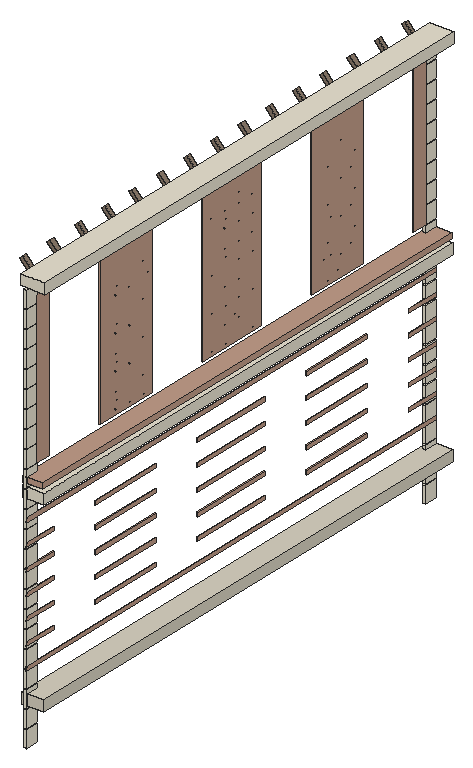
Revit family "AM_Detail_04_Hidden_side__HYPOTHESIS", category Generic Models, Revit 2025 (continued)
Forms (mm)
  Extrusion 245, solid, material "AM Ivory carved stone"
    sketch origin (-7031, 230, 6785) x (0, 1, 0) y (0, 0, 1)
      loop
        line (0, 0) -> (-55, -55) -> (0, -110) -> (55, -55) -> (0, 0)
    from 0 to 9
  Extrusion 246, solid, material "AM Ivory carved stone"
    sketch origin (-7031, -170, 6785) x (0, 1, 0) y (0, 0, 1)
      loop
        line (0, 0) -> (-165, -165) -> (0, -330) -> (165, -165) -> (0, 0)
    from 0 to 9
  Extrusion 247, solid, material "AM Ivory carved stone"
    sketch origin (-7031, -60, 6675) x (0, 1, 0) y (0, 0, 1)
      loop
        line (0, 0) -> (-55, -55) -> (0, -110) -> (55, -55) -> (0, 0)
    from 0 to 9
  Extrusion 248, solid, material "AM Ivory carved stone"
    sketch origin (-7031, -280, 6675) x (0, 1, 0) y (0, 0, 1)
      loop
        line (0, 0) -> (-55, -55) -> (0, -110) -> (55, -55) -> (0, 0)
    from 0 to 9
  Extrusion 249, solid, material "AM Ivory carved stone"
    sketch origin (-7031, -170, 6565) x (0, 1, 0) y (0, 0, 1)
      loop
        line (0, 0) -> (-55, -55) -> (0, -110) -> (55, -55) -> (0, 0)
    from 0 to 9
  Extrusion 250, solid, material "AM Ivory carved stone"
    sketch origin (-7031, -170, 6785) x (0, 1, 0) y (0, 0, 1)
      loop
        line (0, 0) -> (-55, -55) -> (0, -110) -> (55, -55) -> (0, 0)
    from 0 to 9
  Extrusion 251, solid, material "AM Ivory carved stone"
    sketch origin (-7031, -570, 6785) x (0, 1, 0) y (0, 0, 1)
      loop
        line (0, 0) -> (-165, -165) -> (0, -330) -> (165, -165) -> (0, 0)
    from 0 to 9
  Extrusion 252, solid, material "AM Ivory carved stone"
    sketch origin (-7031, -460, 6675) x (0, 1, 0) y (0, 0, 1)
      loop
        line (0, 0) -> (-55, -55) -> (0, -110) -> (55, -55) -> (0, 0)
    from 0 to 9
  Extrusion 253, solid, material "AM Ivory carved stone"
    sketch origin (-7031, -680, 6675) x (0, 1, 0) y (0, 0, 1)
      loop
        line (0, 0) -> (-55, -55) -> (0, -110) -> (55, -55) -> (0, 0)
    from 0 to 9
  Extrusion 254, solid, material "AM Ivory carved stone"
    sketch origin (-7031, -570, 6565) x (0, 1, 0) y (0, 0, 1)
      loop
        line (0, 0) -> (-55, -55) -> (0, -110) -> (55, -55) -> (0, 0)
    from 0 to 9
  Extrusion 255, solid, material "AM Ivory carved stone"
    sketch origin (-7031, -570, 6785) x (0, 1, 0) y (0, 0, 1)
      loop
        line (0, 0) -> (-55, -55) -> (0, -110) -> (55, -55) -> (0, 0)
    from 0 to 9
  Extrusion 256, solid, material "AM Ivory carved stone"
    sketch origin (-7031, 650, 7185) x (0, 1, 0) y (0, 0, 1)
      loop
        line (0, 0) -> (-165, -165) -> (0, -330) -> (165, -165) -> (0, 0)
    from 0 to 9
  Extrusion 257, solid, material "AM Ivory carved stone"
    sketch origin (-7031, 760, 7075) x (0, 1, 0) y (0, 0, 1)
      loop
        line (0, 0) -> (-55, -55) -> (0, -110) -> (55, -55) -> (0, 0)
    from 0 to 9
  Extrusion 258, solid, material "AM Ivory carved stone"
    sketch origin (-7031, 540, 7075) x (0, 1, 0) y (0, 0, 1)
      loop
        line (0, 0) -> (-55, -55) -> (0, -110) -> (55, -55) -> (0, 0)
    from 0 to 9
  Extrusion 259, solid, material "AM Ivory carved stone"
    sketch origin (-7031, 650, 6965) x (0, 1, 0) y (0, 0, 1)
      loop
        line (0, 0) -> (-55, -55) -> (0, -110) -> (55, -55) -> (0, 0)
    from 0 to 9
  Extrusion 260, solid, material "AM Ivory carved stone"
    sketch origin (-7031, 650, 7185) x (0, 1, 0) y (0, 0, 1)
      loop
        line (0, 0) -> (-55, -55) -> (0, -110) -> (55, -55) -> (0, 0)
    from 0 to 9
  Extrusion 261, solid, material "AM Ivory carved stone"
    sketch origin (-7031, 250, 7185) x (0, 1, 0) y (0, 0, 1)
      loop
        line (0, 0) -> (-165, -165) -> (0, -330) -> (165, -165) -> (0, 0)
    from 0 to 9
  Extrusion 262, solid, material "AM Ivory carved stone"
    sketch origin (-7031, 360, 7075) x (0, 1, 0) y (0, 0, 1)
      loop
        line (0, 0) -> (-55, -55) -> (0, -110) -> (55, -55) -> (0, 0)
    from 0 to 9
  Extrusion 263, solid, material "AM Ivory carved stone"
    sketch origin (-7031, 140, 7075) x (0, 1, 0) y (0, 0, 1)
      loop
        line (0, 0) -> (-55, -55) -> (0, -110) -> (55, -55) -> (0, 0)
    from 0 to 9
  Extrusion 264, solid, material "AM Ivory carved stone"
    sketch origin (-7031, 250, 6965) x (0, 1, 0) y (0, 0, 1)
      loop
        line (0, 0) -> (-55, -55) -> (0, -110) -> (55, -55) -> (0, 0)
    from 0 to 9
  Extrusion 265, solid, material "AM Ivory carved stone"
    sketch origin (-7031, 250, 7185) x (0, 1, 0) y (0, 0, 1)
      loop
        line (0, 0) -> (-55, -55) -> (0, -110) -> (55, -55) -> (0, 0)
    from 0 to 9
  Extrusion 266, solid, material "AM Ivory carved stone"
    sketch origin (-7031, -150, 7185) x (0, 1, 0) y (0, 0, 1)
      loop
        line (0, 0) -> (-165, -165) -> (0, -330) -> (165, -165) -> (0, 0)
    from 0 to 9
  Extrusion 267, solid, material "AM Ivory carved stone"
    sketch origin (-7031, -40, 7075) x (0, 1, 0) y (0, 0, 1)
      loop
        line (0, 0) -> (-55, -55) -> (0, -110) -> (55, -55) -> (0, 0)
    from 0 to 9
  Extrusion 268, solid, material "AM Ivory carved stone"
    sketch origin (-7031, -260, 7075) x (0, 1, 0) y (0, 0, 1)
      loop
        line (0, 0) -> (-55, -55) -> (0, -110) -> (55, -55) -> (0, 0)
    from 0 to 9
  Extrusion 269, solid, material "AM Ivory carved stone"
    sketch origin (-7031, -150, 6965) x (0, 1, 0) y (0, 0, 1)
      loop
        line (0, 0) -> (-55, -55) -> (0, -110) -> (55, -55) -> (0, 0)
    from 0 to 9
  Extrusion 270, solid, material "AM Ivory carved stone"
    sketch origin (-7031, -150, 7185) x (0, 1, 0) y (0, 0, 1)
      loop
        line (0, 0) -> (-55, -55) -> (0, -110) -> (55, -55) -> (0, 0)
    from 0 to 9
  Extrusion 271, solid, material "AM Ivory carved stone"
    sketch origin (-7031, -550, 7185) x (0, 1, 0) y (0, 0, 1)
      loop
        line (0, 0) -> (-165, -165) -> (0, -330) -> (165, -165) -> (0, 0)
    from 0 to 9
  Extrusion 272, solid, material "AM Ivory carved stone"
    sketch origin (-7031, -440, 7075) x (0, 1, 0) y (0, 0, 1)
      loop
        line (0, 0) -> (-55, -55) -> (0, -110) -> (55, -55) -> (0, 0)
    from 0 to 9
  Extrusion 273, solid, material "AM Ivory carved stone"
    sketch origin (-7031, -660, 7075) x (0, 1, 0) y (0, 0, 1)
      loop
        line (0, 0) -> (-55, -55) -> (0, -110) -> (55, -55) -> (0, 0)
    from 0 to 9
  Extrusion 274, solid, material "AM Ivory carved stone"
    sketch origin (-7031, -550, 6965) x (0, 1, 0) y (0, 0, 1)
      loop
        line (0, 0) -> (-55, -55) -> (0, -110) -> (55, -55) -> (0, 0)
    from 0 to 9
  Extrusion 275, solid, material "AM Ivory carved stone"
    sketch origin (-7031, -550, 7185) x (0, 1, 0) y (0, 0, 1)
      loop
        line (0, 0) -> (-55, -55) -> (0, -110) -> (55, -55) -> (0, 0)
    from 0 to 9
  Extrusion 276, solid, material "AM Ivory carved stone"
    sketch origin (-7031, 630, 7585) x (0, 1, 0) y (0, 0, 1)
      loop
        line (0, 0) -> (-165, -165) -> (0, -330) -> (165, -165) -> (0, 0)
    from 0 to 9
  Extrusion 277, solid, material "AM Ivory carved stone"
    sketch origin (-7031, 740, 7475) x (0, 1, 0) y (0, 0, 1)
      loop
        line (0, 0) -> (-55, -55) -> (0, -110) -> (55, -55) -> (0, 0)
    from 0 to 9
  Extrusion 278, solid, material "AM Ivory carved stone"
    sketch origin (-7031, 520, 7475) x (0, 1, 0) y (0, 0, 1)
      loop
        line (0, 0) -> (-55, -55) -> (0, -110) -> (55, -55) -> (0, 0)
    from 0 to 9
  Extrusion 279, solid, material "AM Ivory carved stone"
    sketch origin (-7031, 630, 7365) x (0, 1, 0) y (0, 0, 1)
      loop
        line (0, 0) -> (-55, -55) -> (0, -110) -> (55, -55) -> (0, 0)
    from 0 to 9
  Extrusion 280, solid, material "AM Ivory carved stone"
    sketch origin (-7031, 630, 7585) x (0, 1, 0) y (0, 0, 1)
      loop
        line (0, 0) -> (-55, -55) -> (0, -110) -> (55, -55) -> (0, 0)
    from 0 to 9
  Extrusion 281, solid, material "AM Ivory carved stone"
    sketch origin (-7031, 230, 7585) x (0, 1, 0) y (0, 0, 1)
      loop
        line (0, 0) -> (-165, -165) -> (0, -330) -> (165, -165) -> (0, 0)
    from 0 to 9
  Extrusion 282, solid, material "AM Ivory carved stone"
    sketch origin (-7031, 340, 7475) x (0, 1, 0) y (0, 0, 1)
      loop
        line (0, 0) -> (-55, -55) -> (0, -110) -> (55, -55) -> (0, 0)
    from 0 to 9
  Extrusion 283, solid, material "AM Ivory carved stone"
    sketch origin (-7031, 120, 7475) x (0, 1, 0) y (0, 0, 1)
      loop
        line (0, 0) -> (-55, -55) -> (0, -110) -> (55, -55) -> (0, 0)
    from 0 to 9
  Extrusion 284, solid, material "AM Ivory carved stone"
    sketch origin (-7031, 230, 7365) x (0, 1, 0) y (0, 0, 1)
      loop
        line (0, 0) -> (-55, -55) -> (0, -110) -> (55, -55) -> (0, 0)
    from 0 to 9
  Extrusion 285, solid, material "AM Ivory carved stone"
    sketch origin (-7031, 230, 7585) x (0, 1, 0) y (0, 0, 1)
      loop
        line (0, 0) -> (-55, -55) -> (0, -110) -> (55, -55) -> (0, 0)
    from 0 to 9
  Extrusion 286, solid, material "AM Ivory carved stone"
    sketch origin (-7031, -170, 7585) x (0, 1, 0) y (0, 0, 1)
      loop
        line (0, 0) -> (-165, -165) -> (0, -330) -> (165, -165) -> (0, 0)
    from 0 to 9
  Extrusion 287, solid, material "AM Ivory carved stone"
    sketch origin (-7031, -60, 7475) x (0, 1, 0) y (0, 0, 1)
      loop
        line (0, 0) -> (-55, -55) -> (0, -110) -> (55, -55) -> (0, 0)
    from 0 to 9
  Extrusion 288, solid, material "AM Ivory carved stone"
    sketch origin (-7031, -280, 7475) x (0, 1, 0) y (0, 0, 1)
      loop
        line (0, 0) -> (-55, -55) -> (0, -110) -> (55, -55) -> (0, 0)
    from 0 to 9
  Extrusion 289, solid, material "AM Ivory carved stone"
    sketch origin (-7031, -170, 7365) x (0, 1, 0) y (0, 0, 1)
      loop
        line (0, 0) -> (-55, -55) -> (0, -110) -> (55, -55) -> (0, 0)
    from 0 to 9
  Extrusion 290, solid, material "AM Ivory carved stone"
    sketch origin (-7031, -170, 7585) x (0, 1, 0) y (0, 0, 1)
      loop
        line (0, 0) -> (-55, -55) -> (0, -110) -> (55, -55) -> (0, 0)
    from 0 to 9
  Extrusion 291, solid, material "AM Ivory carved stone"
    sketch origin (-7031, -570, 7585) x (0, 1, 0) y (0, 0, 1)
      loop
        line (0, 0) -> (-165, -165) -> (0, -330) -> (165, -165) -> (0, 0)
    from 0 to 9
  Extrusion 292, solid, material "AM Ivory carved stone"
    sketch origin (-7031, -460, 7475) x (0, 1, 0) y (0, 0, 1)
      loop
        line (0, 0) -> (-55, -55) -> (0, -110) -> (55, -55) -> (0, 0)
    from 0 to 9
  Extrusion 293, solid, material "AM Ivory carved stone"
    sketch origin (-7031, -680, 7475) x (0, 1, 0) y (0, 0, 1)
      loop
        line (0, 0) -> (-55, -55) -> (0, -110) -> (55, -55) -> (0, 0)
    from 0 to 9
  Extrusion 294, solid, material "AM Ivory carved stone"
    sketch origin (-7031, -570, 7365) x (0, 1, 0) y (0, 0, 1)
      loop
        line (0, 0) -> (-55, -55) -> (0, -110) -> (55, -55) -> (0, 0)
    from 0 to 9
  Extrusion 295, solid, material "AM Ivory carved stone"
    sketch origin (-7031, -570, 7585) x (0, 1, 0) y (0, 0, 1)
      loop
        line (0, 0) -> (-55, -55) -> (0, -110) -> (55, -55) -> (0, 0)
    from 0 to 9
  Extrusion 296, solid, material "AM Ivory carved stone"
    sketch origin (-7031, 650, 7985) x (0, 1, 0) y (0, 0, 1)
      loop
        line (0, 0) -> (-165, -165) -> (0, -330) -> (165, -165) -> (0, 0)
    from 0 to 9
  Extrusion 297, solid, material "AM Ivory carved stone"
    sketch origin (-7031, 760, 7875) x (0, 1, 0) y (0, 0, 1)
      loop
        line (0, 0) -> (-55, -55) -> (0, -110) -> (55, -55) -> (0, 0)
    from 0 to 9
  Extrusion 298, solid, material "AM Ivory carved stone"
    sketch origin (-7031, 540, 7875) x (0, 1, 0) y (0, 0, 1)
      loop
        line (0, 0) -> (-55, -55) -> (0, -110) -> (55, -55) -> (0, 0)
    from 0 to 9
  Extrusion 299, solid, material "AM Ivory carved stone"
    sketch origin (-7031, 650, 7765) x (0, 1, 0) y (0, 0, 1)
      loop
        line (0, 0) -> (-55, -55) -> (0, -110) -> (55, -55) -> (0, 0)
    from 0 to 9
  Extrusion 300, solid, material "AM Ivory carved stone"
    sketch origin (-7031, 650, 7985) x (0, 1, 0) y (0, 0, 1)
      loop
        line (0, 0) -> (-55, -55) -> (0, -110) -> (55, -55) -> (0, 0)
    from 0 to 9
  Extrusion 301, solid, material "AM Ivory carved stone"
    sketch origin (-7031, 250, 7985) x (0, 1, 0) y (0, 0, 1)
      loop
        line (0, 0) -> (-165, -165) -> (0, -330) -> (165, -165) -> (0, 0)
    from 0 to 9
  Extrusion 302, solid, material "AM Ivory carved stone"
    sketch origin (-7031, 360, 7875) x (0, 1, 0) y (0, 0, 1)
      loop
        line (0, 0) -> (-55, -55) -> (0, -110) -> (55, -55) -> (0, 0)
    from 0 to 9
  Extrusion 303, solid, material "AM Ivory carved stone"
    sketch origin (-7031, 140, 7875) x (0, 1, 0) y (0, 0, 1)
      loop
        line (0, 0) -> (-55, -55) -> (0, -110) -> (55, -55) -> (0, 0)
    from 0 to 9
  Extrusion 304, solid, material "AM Ivory carved stone"
    sketch origin (-7031, 250, 7765) x (0, 1, 0) y (0, 0, 1)
      loop
        line (0, 0) -> (-55, -55) -> (0, -110) -> (55, -55) -> (0, 0)
    from 0 to 9
  Extrusion 305, solid, material "AM Ivory carved stone"
    sketch origin (-7031, 250, 7985) x (0, 1, 0) y (0, 0, 1)
      loop
        line (0, 0) -> (-55, -55) -> (0, -110) -> (55, -55) -> (0, 0)
    from 0 to 9
  Extrusion 306, solid, material "AM Ivory carved stone"
    sketch origin (-7031, -150, 7985) x (0, 1, 0) y (0, 0, 1)
      loop
        line (0, 0) -> (-165, -165) -> (0, -330) -> (165, -165) -> (0, 0)
    from 0 to 9
  Extrusion 307, solid, material "AM Ivory carved stone"
    sketch origin (-7031, -40, 7875) x (0, 1, 0) y (0, 0, 1)
      loop
        line (0, 0) -> (-55, -55) -> (0, -110) -> (55, -55) -> (0, 0)
    from 0 to 9
  Extrusion 308, solid, material "AM Ivory carved stone"
    sketch origin (-7031, -260, 7875) x (0, 1, 0) y (0, 0, 1)
      loop
        line (0, 0) -> (-55, -55) -> (0, -110) -> (55, -55) -> (0, 0)
    from 0 to 9
  Extrusion 309, solid, material "AM Ivory carved stone"
    sketch origin (-7031, -150, 7765) x (0, 1, 0) y (0, 0, 1)
      loop
        line (0, 0) -> (-55, -55) -> (0, -110) -> (55, -55) -> (0, 0)
    from 0 to 9
  Extrusion 310, solid, material "AM Ivory carved stone"
    sketch origin (-7031, -150, 7985) x (0, 1, 0) y (0, 0, 1)
      loop
        line (0, 0) -> (-55, -55) -> (0, -110) -> (55, -55) -> (0, 0)
    from 0 to 9
  Extrusion 311, solid, material "AM Ivory carved stone"
    sketch origin (-7031, -550, 7985) x (0, 1, 0) y (0, 0, 1)
      loop
        line (0, 0) -> (-165, -165) -> (0, -330) -> (165, -165) -> (0, 0)
    from 0 to 9
  Extrusion 312, solid, material "AM Ivory carved stone"
    sketch origin (-7031, -440, 7875) x (0, 1, 0) y (0, 0, 1)
      loop
        line (0, 0) -> (-55, -55) -> (0, -110) -> (55, -55) -> (0, 0)
    from 0 to 9
  Extrusion 313, solid, material "AM Ivory carved stone"
    sketch origin (-7031, -660, 7875) x (0, 1, 0) y (0, 0, 1)
      loop
        line (0, 0) -> (-55, -55) -> (0, -110) -> (55, -55) -> (0, 0)
    from 0 to 9
  Extrusion 314, solid, material "AM Ivory carved stone"
    sketch origin (-7031, -550, 7765) x (0, 1, 0) y (0, 0, 1)
      loop
        line (0, 0) -> (-55, -55) -> (0, -110) -> (55, -55) -> (0, 0)
    from 0 to 9
  Extrusion 315, solid, material "AM Ivory carved stone"
    sketch origin (-7031, -550, 7985) x (0, 1, 0) y (0, 0, 1)
      loop
        line (0, 0) -> (-55, -55) -> (0, -110) -> (55, -55) -> (0, 0)
    from 0 to 9
  Extrusion 316, solid, material "AM Ivory carved stone"
    sketch origin (-7031, 630, 8385) x (0, 1, 0) y (0, 0, 1)
      loop
        line (0, 0) -> (-165, -165) -> (0, -330) -> (165, -165) -> (0, 0)
    from 0 to 9
  Extrusion 317, solid, material "AM Ivory carved stone"
    sketch origin (-7031, 740, 8275) x (0, 1, 0) y (0, 0, 1)
      loop
        line (0, 0) -> (-55, -54.999) -> (0, -110) -> (55, -54.999) -> (0, 0)
    from 0 to 9
  Extrusion 318, solid, material "AM Ivory carved stone"
    sketch origin (-7031, 520, 8275) x (0, 1, 0) y (0, 0, 1)
      loop
        line (0, 0) -> (-55, -54.999) -> (0, -110) -> (55, -54.999) -> (0, 0)
    from 0 to 9
  Extrusion 319, solid, material "AM Ivory carved stone"
    sketch origin (-7031, 630, 8165) x (0, 1, 0) y (0, 0, 1)
      loop
        line (0, 0) -> (-55, -55) -> (0, -110) -> (55, -55) -> (0, 0)
    from 0 to 9
  Extrusion 320, solid, material "AM Ivory carved stone"
    sketch origin (-7031, 630, 8385) x (0, 1, 0) y (0, 0, 1)
      loop
        line (0, 0) -> (-55, -55) -> (0, -110.001) -> (55, -55) -> (0, 0)
    from 0 to 9
  Extrusion 321, solid, material "AM Ivory carved stone"
    sketch origin (-7031, 230, 8385) x (0, 1, 0) y (0, 0, 1)
      loop
        line (0, 0) -> (-165, -165) -> (0, -330) -> (165, -165) -> (0, 0)
    from 0 to 9
  Extrusion 322, solid, material "AM Ivory carved stone"
    sketch origin (-7031, 340, 8275) x (0, 1, 0) y (0, 0, 1)
      loop
        line (0, 0) -> (-55, -54.999) -> (0, -110) -> (55, -54.999) -> (0, 0)
    from 0 to 9
  Extrusion 323, solid, material "AM Ivory carved stone"
    sketch origin (-7031, 120, 8275) x (0, 1, 0) y (0, 0, 1)
      loop
        line (0, 0) -> (-55, -54.999) -> (0, -110) -> (55, -54.999) -> (0, 0)
    from 0 to 9
  Extrusion 324, solid, material "AM Ivory carved stone"
    sketch origin (-7031, 230, 8165) x (0, 1, 0) y (0, 0, 1)
      loop
        line (0, 0) -> (-55, -55) -> (0, -110) -> (55, -55) -> (0, 0)
    from 0 to 9
  Extrusion 325, solid, material "AM Ivory carved stone"
    sketch origin (-7031, 230, 8385) x (0, 1, 0) y (0, 0, 1)
      loop
        line (0, 0) -> (-55, -55) -> (0, -110.001) -> (55, -55) -> (0, 0)
    from 0 to 9
  Extrusion 326, solid, material "AM Ivory carved stone"
    sketch origin (-7031, -170, 8385) x (0, 1, 0) y (0, 0, 1)
      loop
        line (0, 0) -> (-165, -165) -> (0, -330) -> (165, -165) -> (0, 0)
    from 0 to 9
  Extrusion 327, solid, material "AM Ivory carved stone"
    sketch origin (-7031, -60, 8275) x (0, 1, 0) y (0, 0, 1)
      loop
        line (0, 0) -> (-55, -54.999) -> (0, -110) -> (55, -54.999) -> (0, 0)
    from 0 to 9
  Extrusion 328, solid, material "AM Ivory carved stone"
    sketch origin (-7031, -280, 8275) x (0, 1, 0) y (0, 0, 1)
      loop
        line (0, 0) -> (-55, -54.999) -> (0, -110) -> (55, -54.999) -> (0, 0)
    from 0 to 9
  Extrusion 329, solid, material "AM Ivory carved stone"
    sketch origin (-7031, -170, 8165) x (0, 1, 0) y (0, 0, 1)
      loop
        line (0, 0) -> (-55, -55) -> (0, -110) -> (55, -55) -> (0, 0)
    from 0 to 9
  Extrusion 330, solid, material "AM Ivory carved stone"
    sketch origin (-7031, -170, 8385) x (0, 1, 0) y (0, 0, 1)
      loop
        line (0, 0) -> (-55, -55) -> (0, -110.001) -> (55, -55) -> (0, 0)
    from 0 to 9
  Extrusion 331, solid, material "AM Ivory carved stone"
    sketch origin (-7031, -570, 8385) x (0, 1, 0) y (0, 0, 1)
      loop
        line (0, 0) -> (-165, -165) -> (0, -330) -> (165, -165) -> (0, 0)
    from 0 to 9
  Extrusion 332, solid, material "AM Ivory carved stone"
    sketch origin (-7031, -460, 8275) x (0, 1, 0) y (0, 0, 1)
      loop
        line (0, 0) -> (-55, -54.999) -> (0, -110) -> (55, -54.999) -> (0, 0)
    from 0 to 9
  Extrusion 333, solid, material "AM Ivory carved stone"
    sketch origin (-7031, -680, 8275) x (0, 1, 0) y (0, 0, 1)
      loop
        line (0, 0) -> (-55, -54.999) -> (0, -110) -> (55, -54.999) -> (0, 0)
    from 0 to 9
  Extrusion 334, solid, material "AM Ivory carved stone"
    sketch origin (-7031, -570, 8165) x (0, 1, 0) y (0, 0, 1)
      loop
        line (0, 0) -> (-55, -55) -> (0, -110) -> (55, -55) -> (0, 0)
    from 0 to 9
  Extrusion 335, solid, material "AM Ivory carved stone"
    sketch origin (-7031, -570, 8385) x (0, 1, 0) y (0, 0, 1)
      loop
        line (0, 0) -> (-55, -55) -> (0, -110.001) -> (55, -55) -> (0, 0)
    from 0 to 9
  Extrusion 336, solid, material "AM Ivory carved stone"
    sketch origin (-7031, 650, 8785) x (0, 1, 0) y (0, 0, 1)
      loop
        line (0, 0) -> (-165, -165) -> (0, -330) -> (165, -165) -> (0, 0)
    from 0 to 9
  Extrusion 337, solid, material "AM Ivory carved stone"
    sketch origin (-7031, 760, 8675) x (0, 1, 0) y (0, 0, 1)
      loop
        line (0, 0) -> (-55, -55) -> (0, -110.001) -> (55, -55) -> (0, 0)
    from 0 to 9
  Extrusion 338, solid, material "AM Ivory carved stone"
    sketch origin (-7031, 540, 8675) x (0, 1, 0) y (0, 0, 1)
      loop
        line (0, 0) -> (-55, -55) -> (0, -110.001) -> (55, -55) -> (0, 0)
    from 0 to 9
  Extrusion 339, solid, material "AM Ivory carved stone"
    sketch origin (-7031, 650, 8565) x (0, 1, 0) y (0, 0, 1)
      loop
        line (0, 0) -> (-55, -54.999) -> (0, -110) -> (55, -54.999) -> (0, 0)
    from 0 to 9
  Extrusion 340, solid, material "AM Ivory carved stone"
    sketch origin (-7031, 650, 8785) x (0, 1, 0) y (0, 0, 1)
      loop
        line (0, 0) -> (-55, -55) -> (0, -110) -> (55, -55) -> (0, 0)
    from 0 to 9
  Extrusion 341, solid, material "AM Ivory carved stone"
    sketch origin (-7031, 250, 8785) x (0, 1, 0) y (0, 0, 1)
      loop
        line (0, 0) -> (-165, -165) -> (0, -330) -> (165, -165) -> (0, 0)
    from 0 to 9
  Extrusion 342, solid, material "AM Ivory carved stone"
    sketch origin (-7031, 360, 8675) x (0, 1, 0) y (0, 0, 1)
      loop
        line (0, 0) -> (-55, -55) -> (0, -110.001) -> (55, -55) -> (0, 0)
    from 0 to 9
  Extrusion 343, solid, material "AM Ivory carved stone"
    sketch origin (-7031, 140, 8675) x (0, 1, 0) y (0, 0, 1)
      loop
        line (0, 0) -> (-55, -55) -> (0, -110.001) -> (55, -55) -> (0, 0)
    from 0 to 9
  Extrusion 344, solid, material "AM Ivory carved stone"
    sketch origin (-7031, 250, 8565) x (0, 1, 0) y (0, 0, 1)
      loop
        line (0, 0) -> (-55, -54.999) -> (0, -110) -> (55, -54.999) -> (0, 0)
    from 0 to 9
  Extrusion 345, solid, material "AM Ivory carved stone"
    sketch origin (-7031, 250, 8785) x (0, 1, 0) y (0, 0, 1)
      loop
        line (0, 0) -> (-55, -55) -> (0, -110) -> (55, -55) -> (0, 0)
    from 0 to 9
  Extrusion 346, solid, material "AM Ivory carved stone"
    sketch origin (-7031, -150, 8785) x (0, 1, 0) y (0, 0, 1)
      loop
        line (0, 0) -> (-165, -165) -> (0, -330) -> (165, -165) -> (0, 0)
    from 0 to 9
  Extrusion 347, solid, material "AM Ivory carved stone"
    sketch origin (-7031, -40, 8675) x (0, 1, 0) y (0, 0, 1)
      loop
        line (0, 0) -> (-55, -55) -> (0, -110.001) -> (55, -55) -> (0, 0)
    from 0 to 9
  Extrusion 348, solid, material "AM Ivory carved stone"
    sketch origin (-7031, -260, 8675) x (0, 1, 0) y (0, 0, 1)
      loop
        line (0, 0) -> (-55, -55) -> (0, -110.001) -> (55, -55) -> (0, 0)
    from 0 to 9
  Extrusion 349, solid, material "AM Ivory carved stone"
    sketch origin (-7031, -150, 8565) x (0, 1, 0) y (0, 0, 1)
      loop
        line (0, 0) -> (-55, -54.999) -> (0, -110) -> (55, -54.999) -> (0, 0)
    from 0 to 9
  Extrusion 350, solid, material "AM Ivory carved stone"
    sketch origin (-7031, -150, 8785) x (0, 1, 0) y (0, 0, 1)
      loop
        line (0, 0) -> (-55, -55) -> (0, -110) -> (55, -55) -> (0, 0)
    from 0 to 9
  Extrusion 351, solid, material "AM Ivory carved stone"
    sketch origin (-7031, -550, 8785) x (0, 1, 0) y (0, 0, 1)
      loop
        line (0, 0) -> (-165, -165) -> (0, -330) -> (165, -165) -> (0, 0)
    from 0 to 9
  Extrusion 352, solid, material "AM Ivory carved stone"
    sketch origin (-7031, -440, 8675) x (0, 1, 0) y (0, 0, 1)
      loop
        line (0, 0) -> (-55, -55) -> (0, -110.001) -> (55, -55) -> (0, 0)
    from 0 to 9
  Extrusion 353, solid, material "AM Ivory carved stone"
    sketch origin (-7031, -660, 8675) x (0, 1, 0) y (0, 0, 1)
      loop
        line (0, 0) -> (-55, -55) -> (0, -110.001) -> (55, -55) -> (0, 0)
    from 0 to 9
  Extrusion 354, solid, material "AM Ivory carved stone"
    sketch origin (-7031, -550, 8565) x (0, 1, 0) y (0, 0, 1)
      loop
        line (0, 0) -> (-55, -54.999) -> (0, -110) -> (55, -54.999) -> (0, 0)
    from 0 to 9
  Extrusion 355, solid, material "AM Ivory carved stone"
    sketch origin (-7031, -550, 8785) x (0, 1, 0) y (0, 0, 1)
      loop
        line (0, 0) -> (-55, -55) -> (0, -110) -> (55, -55) -> (0, 0)
    from 0 to 9
  Extrusion 356, solid, material "AM Ivory carved stone"
    sketch origin (-7031, 630, 9185) x (0, 1, 0) y (0, 0, 1)
      loop
        line (0, 0) -> (-165, -165) -> (0, -330.001) -> (165, -165) -> (0, 0)
    from 0 to 9
  Extrusion 357, solid, material "AM Ivory carved stone"
    sketch origin (-7031, 740, 9075) x (0, 1, 0) y (0, 0, 1)
      loop
        line (0, 0) -> (-55, -54.999) -> (0, -110) -> (55, -54.999) -> (0, 0)
    from 0 to 9
  Extrusion 358, solid, material "AM Ivory carved stone"
    sketch origin (-7031, 520, 9075) x (0, 1, 0) y (0, 0, 1)
      loop
        line (0, 0) -> (-55, -54.999) -> (0, -110) -> (55, -54.999) -> (0, 0)
    from 0 to 9
  Extrusion 359, solid, material "AM Ivory carved stone"
    sketch origin (-7031, 630, 8965) x (0, 1, 0) y (0, 0, 1)
      loop
        line (0, 0) -> (-55, -55) -> (0, -110.001) -> (55, -55) -> (0, 0)
    from 0 to 9
  Extrusion 360, solid, material "AM Ivory carved stone"
    sketch origin (-7031, 630, 9185) x (0, 1, 0) y (0, 0, 1)
      loop
        line (0, 0) -> (-55, -55) -> (0, -110.001) -> (55, -55) -> (0, 0)
    from 0 to 9
  Extrusion 361, solid, material "AM Ivory carved stone"
    sketch origin (-7031, 230, 9185) x (0, 1, 0) y (0, 0, 1)
      loop
        line (0, 0) -> (-165, -165) -> (0, -330.001) -> (165, -165) -> (0, 0)
    from 0 to 9
  Extrusion 362, solid, material "AM Ivory carved stone"
    sketch origin (-7031, 340, 9075) x (0, 1, 0) y (0, 0, 1)
      loop
        line (0, 0) -> (-55, -54.999) -> (0, -110) -> (55, -54.999) -> (0, 0)
    from 0 to 9
  Extrusion 363, solid, material "AM Ivory carved stone"
    sketch origin (-7031, 120, 9075) x (0, 1, 0) y (0, 0, 1)
      loop
        line (0, 0) -> (-55, -54.999) -> (0, -110) -> (55, -54.999) -> (0, 0)
    from 0 to 9
  Extrusion 364, solid, material "AM Ivory carved stone"
    sketch origin (-7031, 230, 8965) x (0, 1, 0) y (0, 0, 1)
      loop
        line (0, 0) -> (-55, -55) -> (0, -110.001) -> (55, -55) -> (0, 0)
    from 0 to 9
  Extrusion 365, solid, material "AM Ivory carved stone"
    sketch origin (-7031, 230, 9185) x (0, 1, 0) y (0, 0, 1)
      loop
        line (0, 0) -> (-55, -55) -> (0, -110.001) -> (55, -55) -> (0, 0)
    from 0 to 9
  Extrusion 366, solid, material "AM Ivory carved stone"
    sketch origin (-7031, -170, 9185) x (0, 1, 0) y (0, 0, 1)
      loop
        line (0, 0) -> (-165, -165) -> (0, -330.001) -> (165, -165) -> (0, 0)
    from 0 to 9
  Extrusion 367, solid, material "AM Ivory carved stone"
    sketch origin (-7031, -60, 9075) x (0, 1, 0) y (0, 0, 1)
      loop
        line (0, 0) -> (-55, -54.999) -> (0, -110) -> (55, -54.999) -> (0, 0)
    from 0 to 9
  Extrusion 368, solid, material "AM Ivory carved stone"
    sketch origin (-7031, -280, 9075) x (0, 1, 0) y (0, 0, 1)
      loop
        line (0, 0) -> (-55, -54.999) -> (0, -110) -> (55, -54.999) -> (0, 0)
    from 0 to 9
  Extrusion 369, solid, material "AM Ivory carved stone"
    sketch origin (-7031, -170, 8965) x (0, 1, 0) y (0, 0, 1)
      loop
        line (0, 0) -> (-55, -55) -> (0, -110.001) -> (55, -55) -> (0, 0)
    from 0 to 9
  Extrusion 370, solid, material "AM Ivory carved stone"
    sketch origin (-7031, -170, 9185) x (0, 1, 0) y (0, 0, 1)
      loop
        line (0, 0) -> (-55, -55) -> (0, -110.001) -> (55, -55) -> (0, 0)
    from 0 to 9
  Extrusion 371, solid, material "AM Ivory carved stone"
    sketch origin (-7031, -570, 9185) x (0, 1, 0) y (0, 0, 1)
      loop
        line (0, 0) -> (-165, -165) -> (0, -330.001) -> (165, -165) -> (0, 0)
    from 0 to 9
  Extrusion 372, solid, material "AM Ivory carved stone"
    sketch origin (-7031, -460, 9075) x (0, 1, 0) y (0, 0, 1)
      loop
        line (0, 0) -> (-55, -54.999) -> (0, -110) -> (55, -54.999) -> (0, 0)
    from 0 to 9
  Extrusion 373, solid, material "AM Ivory carved stone"
    sketch origin (-7031, -680, 9075) x (0, 1, 0) y (0, 0, 1)
      loop
        line (0, 0) -> (-55, -54.999) -> (0, -110) -> (55, -54.999) -> (0, 0)
    from 0 to 9
  Extrusion 374, solid, material "AM Ivory carved stone"
    sketch origin (-7031, -570, 8965) x (0, 1, 0) y (0, 0, 1)
      loop
        line (0, 0) -> (-55, -55) -> (0, -110.001) -> (55, -55) -> (0, 0)
    from 0 to 9
  Extrusion 375, solid, material "AM Ivory carved stone"
    sketch origin (-7031, -570, 9185) x (0, 1, 0) y (0, 0, 1)
      loop
        line (0, 0) -> (-55, -55) -> (0, -110.001) -> (55, -55) -> (0, 0)
    from 0 to 9
  Extrusion 376, solid, material "AM Faded terracotta masonry"
    sketch origin (-7022.5, -2350, 6000) x (1, 0, 0) y (0, 1, 0)
      loop
        line (0, 0) -> (0, -1500) -> (25, -1500) -> (25, 0) -> (0, 0)
    from 0 to 3550
  Extrusion 377, solid, material "AM Ivory carved stone"
    sketch origin (-7031, -2550, 6385) x (0, 1, 0) y (0, 0, 1)
      loop
        line (0, 0) -> (-165, -165) -> (0, -330) -> (165, -165) -> (0, 0)
    from 0 to 9
  Extrusion 378, solid, material "AM Ivory carved stone"
    sketch origin (-7031, -2440, 6275) x (0, 1, 0) y (0, 0, 1)
      loop
        line (0, 0) -> (-55, -55) -> (0, -110) -> (55, -55) -> (0, 0)
    from 0 to 9
  Extrusion 379, solid, material "AM Ivory carved stone"
    sketch origin (-7031, -2660, 6275) x (0, 1, 0) y (0, 0, 1)
      loop
        line (0, 0) -> (-55, -55) -> (0, -110) -> (55, -55) -> (0, 0)
    from 0 to 9
  Extrusion 380, solid, material "AM Ivory carved stone"
    sketch origin (-7031, -2550, 6165) x (0, 1, 0) y (0, 0, 1)
      loop
        line (0, 0) -> (-55, -55) -> (0, -110) -> (55, -55) -> (0, 0)
    from 0 to 9
  Extrusion 381, solid, material "AM Ivory carved stone"
    sketch origin (-7031, -2550, 6385) x (0, 1, 0) y (0, 0, 1)
      loop
        line (0, 0) -> (-55, -55) -> (0, -110) -> (55, -55) -> (0, 0)
    from 0 to 9
  Extrusion 382, solid, material "AM Ivory carved stone"
    sketch origin (-7031, -2950, 6385) x (0, 1, 0) y (0, 0, 1)
      loop
        line (0, 0) -> (-165, -165) -> (0, -330) -> (165, -165) -> (0, 0)
    from 0 to 9
  Extrusion 383, solid, material "AM Ivory carved stone"
    sketch origin (-7031, -2840, 6275) x (0, 1, 0) y (0, 0, 1)
      loop
        line (0, 0) -> (-55, -55) -> (0, -110) -> (55, -55) -> (0, 0)
    from 0 to 9
  Extrusion 384, solid, material "AM Ivory carved stone"
    sketch origin (-7031, -3060, 6275) x (0, 1, 0) y (0, 0, 1)
      loop
        line (0, 0) -> (-55, -55) -> (0, -110) -> (55, -55) -> (0, 0)
    from 0 to 9
  Extrusion 385, solid, material "AM Ivory carved stone"
    sketch origin (-7031, -2950, 6165) x (0, 1, 0) y (0, 0, 1)
      loop
        line (0, 0) -> (-55, -55) -> (0, -110) -> (55, -55) -> (0, 0)
    from 0 to 9
  Extrusion 386, solid, material "AM Ivory carved stone"
    sketch origin (-7031, -2950, 6385) x (0, 1, 0) y (0, 0, 1)
      loop
        line (0, 0) -> (-55, -55) -> (0, -110) -> (55, -55) -> (0, 0)
    from 0 to 9
  Extrusion 387, solid, material "AM Ivory carved stone"
    sketch origin (-7031, -3350, 6385) x (0, 1, 0) y (0, 0, 1)
      loop
        line (0, 0) -> (-165, -165) -> (0, -330) -> (165, -165) -> (0, 0)
    from 0 to 9
  Extrusion 388, solid, material "AM Ivory carved stone"
    sketch origin (-7031, -3240, 6275) x (0, 1, 0) y (0, 0, 1)
      loop
        line (0, 0) -> (-55, -55) -> (0, -110) -> (55, -55) -> (0, 0)
    from 0 to 9
  Extrusion 389, solid, material "AM Ivory carved stone"
    sketch origin (-7031, -3460, 6275) x (0, 1, 0) y (0, 0, 1)
      loop
        line (0, 0) -> (-55, -55) -> (0, -110) -> (55, -55) -> (0, 0)
    from 0 to 9
  Extrusion 390, solid, material "AM Ivory carved stone"
    sketch origin (-7031, -3350, 6165) x (0, 1, 0) y (0, 0, 1)
      loop
        line (0, 0) -> (-55, -55) -> (0, -110) -> (55, -55) -> (0, 0)
    from 0 to 9
  Extrusion 391, solid, material "AM Ivory carved stone"
    sketch origin (-7031, -3350, 6385) x (0, 1, 0) y (0, 0, 1)
      loop
        line (0, 0) -> (-55, -55) -> (0, -110) -> (55, -55) -> (0, 0)
    from 0 to 9
  Extrusion 392, solid, material "AM Ivory carved stone"
    sketch origin (-7031, -2570, 6785) x (0, 1, 0) y (0, 0, 1)
      loop
        line (0, 0) -> (-165, -165) -> (0, -330) -> (165, -165) -> (0, 0)
    from 0 to 9
  Extrusion 393, solid, material "AM Ivory carved stone"
    sketch origin (-7031, -2460, 6675) x (0, 1, 0) y (0, 0, 1)
      loop
        line (0, 0) -> (-55, -55) -> (0, -110) -> (55, -55) -> (0, 0)
    from 0 to 9
  Extrusion 394, solid, material "AM Ivory carved stone"
    sketch origin (-7031, -2680, 6675) x (0, 1, 0) y (0, 0, 1)
      loop
        line (0, 0) -> (-55, -55) -> (0, -110) -> (55, -55) -> (0, 0)
    from 0 to 9
  Extrusion 395, solid, material "AM Ivory carved stone"
    sketch origin (-7031, -2570, 6565) x (0, 1, 0) y (0, 0, 1)
      loop
        line (0, 0) -> (-55, -55) -> (0, -110) -> (55, -55) -> (0, 0)
    from 0 to 9
  Extrusion 396, solid, material "AM Ivory carved stone"
    sketch origin (-7031, -2570, 6785) x (0, 1, 0) y (0, 0, 1)
      loop
        line (0, 0) -> (-55, -55) -> (0, -110) -> (55, -55) -> (0, 0)
    from 0 to 9
  Extrusion 397, solid, material "AM Ivory carved stone"
    sketch origin (-7031, -2970, 6785) x (0, 1, 0) y (0, 0, 1)
      loop
        line (0, 0) -> (-165, -165) -> (0, -330) -> (165, -165) -> (0, 0)
    from 0 to 9
  Extrusion 398, solid, material "AM Ivory carved stone"
    sketch origin (-7031, -2860, 6675) x (0, 1, 0) y (0, 0, 1)
      loop
        line (0, 0) -> (-55, -55) -> (0, -110) -> (55, -55) -> (0, 0)
    from 0 to 9
  Extrusion 399, solid, material "AM Ivory carved stone"
    sketch origin (-7031, -3080, 6675) x (0, 1, 0) y (0, 0, 1)
      loop
        line (0, 0) -> (-55, -55) -> (0, -110) -> (55, -55) -> (0, 0)
    from 0 to 9
  Extrusion 400, solid, material "AM Ivory carved stone"
    sketch origin (-7031, -2970, 6565) x (0, 1, 0) y (0, 0, 1)
      loop
        line (0, 0) -> (-55, -55) -> (0, -110) -> (55, -55) -> (0, 0)
    from 0 to 9
  Extrusion 401, solid, material "AM Ivory carved stone"
    sketch origin (-7031, -2970, 6785) x (0, 1, 0) y (0, 0, 1)
      loop
        line (0, 0) -> (-55, -55) -> (0, -110) -> (55, -55) -> (0, 0)
    from 0 to 9
  Extrusion 402, solid, material "AM Ivory carved stone"
    sketch origin (-7031, -3370, 6785) x (0, 1, 0) y (0, 0, 1)
      loop
        line (0, 0) -> (-165, -165) -> (0, -330) -> (165, -165) -> (0, 0)
    from 0 to 9
  Extrusion 403, solid, material "AM Ivory carved stone"
    sketch origin (-7031, -3260, 6675) x (0, 1, 0) y (0, 0, 1)
      loop
        line (0, 0) -> (-55, -55) -> (0, -110) -> (55, -55) -> (0, 0)
    from 0 to 9
  Extrusion 404, solid, material "AM Ivory carved stone"
    sketch origin (-7031, -3480, 6675) x (0, 1, 0) y (0, 0, 1)
      loop
        line (0, 0) -> (-55, -55) -> (0, -110) -> (55, -55) -> (0, 0)
    from 0 to 9
  Extrusion 405, solid, material "AM Ivory carved stone"
    sketch origin (-7031, -3370, 6565) x (0, 1, 0) y (0, 0, 1)
      loop
        line (0, 0) -> (-55, -55) -> (0, -110) -> (55, -55) -> (0, 0)
    from 0 to 9
  Extrusion 406, solid, material "AM Ivory carved stone"
    sketch origin (-7031, -3370, 6785) x (0, 1, 0) y (0, 0, 1)
      loop
        line (0, 0) -> (-55, -55) -> (0, -110) -> (55, -55) -> (0, 0)
    from 0 to 9
  Extrusion 407, solid, material "AM Ivory carved stone"
    sketch origin (-7031, -2550, 7185) x (0, 1, 0) y (0, 0, 1)
      loop
        line (0, 0) -> (-165, -165) -> (0, -330) -> (165, -165) -> (0, 0)
    from 0 to 9
  Extrusion 408, solid, material "AM Ivory carved stone"
    sketch origin (-7031, -2440, 7075) x (0, 1, 0) y (0, 0, 1)
      loop
        line (0, 0) -> (-55, -55) -> (0, -110) -> (55, -55) -> (0, 0)
    from 0 to 9
  Extrusion 409, solid, material "AM Ivory carved stone"
    sketch origin (-7031, -2660, 7075) x (0, 1, 0) y (0, 0, 1)
      loop
        line (0, 0) -> (-55, -55) -> (0, -110) -> (55, -55) -> (0, 0)
    from 0 to 9
  Extrusion 410, solid, material "AM Ivory carved stone"
    sketch origin (-7031, -2550, 6965) x (0, 1, 0) y (0, 0, 1)
      loop
        line (0, 0) -> (-55, -55) -> (0, -110) -> (55, -55) -> (0, 0)
    from 0 to 9
  Extrusion 411, solid, material "AM Ivory carved stone"
    sketch origin (-7031, -2550, 7185) x (0, 1, 0) y (0, 0, 1)
      loop
        line (0, 0) -> (-55, -55) -> (0, -110) -> (55, -55) -> (0, 0)
    from 0 to 9
  Extrusion 412, solid, material "AM Ivory carved stone"
    sketch origin (-7031, -2950, 7185) x (0, 1, 0) y (0, 0, 1)
      loop
        line (0, 0) -> (-165, -165) -> (0, -330) -> (165, -165) -> (0, 0)
    from 0 to 9
  Extrusion 413, solid, material "AM Ivory carved stone"
    sketch origin (-7031, -2840, 7075) x (0, 1, 0) y (0, 0, 1)
      loop
        line (0, 0) -> (-55, -55) -> (0, -110) -> (55, -55) -> (0, 0)
    from 0 to 9
  Extrusion 414, solid, material "AM Ivory carved stone"
    sketch origin (-7031, -3060, 7075) x (0, 1, 0) y (0, 0, 1)
      loop
        line (0, 0) -> (-55, -55) -> (0, -110) -> (55, -55) -> (0, 0)
    from 0 to 9
  Extrusion 415, solid, material "AM Ivory carved stone"
    sketch origin (-7031, -2950, 6965) x (0, 1, 0) y (0, 0, 1)
      loop
        line (0, 0) -> (-55, -55) -> (0, -110) -> (55, -55) -> (0, 0)
    from 0 to 9
  Extrusion 416, solid, material "AM Ivory carved stone"
    sketch origin (-7031, -2950, 7185) x (0, 1, 0) y (0, 0, 1)
      loop
        line (0, 0) -> (-55, -55) -> (0, -110) -> (55, -55) -> (0, 0)
    from 0 to 9
  Extrusion 417, solid, material "AM Ivory carved stone"
    sketch origin (-7031, -3350, 7185) x (0, 1, 0) y (0, 0, 1)
      loop
        line (0, 0) -> (-165, -165) -> (0, -330) -> (165, -165) -> (0, 0)
    from 0 to 9
  Extrusion 418, solid, material "AM Ivory carved stone"
    sketch origin (-7031, -3240, 7075) x (0, 1, 0) y (0, 0, 1)
      loop
        line (0, 0) -> (-55, -55) -> (0, -110) -> (55, -55) -> (0, 0)
    from 0 to 9
  Extrusion 419, solid, material "AM Ivory carved stone"
    sketch origin (-7031, -3460, 7075) x (0, 1, 0) y (0, 0, 1)
      loop
        line (0, 0) -> (-55, -55) -> (0, -110) -> (55, -55) -> (0, 0)
    from 0 to 9
  Extrusion 420, solid, material "AM Ivory carved stone"
    sketch origin (-7031, -3350, 6965) x (0, 1, 0) y (0, 0, 1)
      loop
        line (0, 0) -> (-55, -55) -> (0, -110) -> (55, -55) -> (0, 0)
    from 0 to 9
  Extrusion 421, solid, material "AM Ivory carved stone"
    sketch origin (-7031, -3350, 7185) x (0, 1, 0) y (0, 0, 1)
      loop
        line (0, 0) -> (-55, -55) -> (0, -110) -> (55, -55) -> (0, 0)
    from 0 to 9
  Extrusion 422, solid, material "AM Ivory carved stone"
    sketch origin (-7031, -2570, 7585) x (0, 1, 0) y (0, 0, 1)
      loop
        line (0, 0) -> (-165, -165) -> (0, -330) -> (165, -165) -> (0, 0)
    from 0 to 9
  Extrusion 423, solid, material "AM Ivory carved stone"
    sketch origin (-7031, -2460, 7475) x (0, 1, 0) y (0, 0, 1)
      loop
        line (0, 0) -> (-55, -55) -> (0, -110) -> (55, -55) -> (0, 0)
    from 0 to 9
  Extrusion 424, solid, material "AM Ivory carved stone"
    sketch origin (-7031, -2680, 7475) x (0, 1, 0) y (0, 0, 1)
      loop
        line (0, 0) -> (-55, -55) -> (0, -110) -> (55, -55) -> (0, 0)
    from 0 to 9
  Extrusion 425, solid, material "AM Ivory carved stone"
    sketch origin (-7031, -2570, 7365) x (0, 1, 0) y (0, 0, 1)
      loop
        line (0, 0) -> (-55, -55) -> (0, -110) -> (55, -55) -> (0, 0)
    from 0 to 9
  Extrusion 426, solid, material "AM Ivory carved stone"
    sketch origin (-7031, -2570, 7585) x (0, 1, 0) y (0, 0, 1)
      loop
        line (0, 0) -> (-55, -55) -> (0, -110) -> (55, -55) -> (0, 0)
    from 0 to 9
  Extrusion 427, solid, material "AM Ivory carved stone"
    sketch origin (-7031, -2970, 7585) x (0, 1, 0) y (0, 0, 1)
      loop
        line (0, 0) -> (-165, -165) -> (0, -330) -> (165, -165) -> (0, 0)
    from 0 to 9
  Extrusion 428, solid, material "AM Ivory carved stone"
    sketch origin (-7031, -2860, 7475) x (0, 1, 0) y (0, 0, 1)
      loop
        line (0, 0) -> (-55, -55) -> (0, -110) -> (55, -55) -> (0, 0)
    from 0 to 9
  Extrusion 429, solid, material "AM Ivory carved stone"
    sketch origin (-7031, -3080, 7475) x (0, 1, 0) y (0, 0, 1)
      loop
        line (0, 0) -> (-55, -55) -> (0, -110) -> (55, -55) -> (0, 0)
    from 0 to 9
  Extrusion 430, solid, material "AM Ivory carved stone"
    sketch origin (-7031, -2970, 7365) x (0, 1, 0) y (0, 0, 1)
      loop
        line (0, 0) -> (-55, -55) -> (0, -110) -> (55, -55) -> (0, 0)
    from 0 to 9
  Extrusion 431, solid, material "AM Ivory carved stone"
    sketch origin (-7031, -2970, 7585) x (0, 1, 0) y (0, 0, 1)
      loop
        line (0, 0) -> (-55, -55) -> (0, -110) -> (55, -55) -> (0, 0)
    from 0 to 9
  Extrusion 432, solid, material "AM Ivory carved stone"
    sketch origin (-7031, -3370, 7585) x (0, 1, 0) y (0, 0, 1)
      loop
        line (0, 0) -> (-165, -165) -> (0, -330) -> (165, -165) -> (0, 0)
    from 0 to 9
  Extrusion 433, solid, material "AM Ivory carved stone"
    sketch origin (-7031, -3260, 7475) x (0, 1, 0) y (0, 0, 1)
      loop
        line (0, 0) -> (-55, -55) -> (0, -110) -> (55, -55) -> (0, 0)
    from 0 to 9
  Extrusion 434, solid, material "AM Ivory carved stone"
    sketch origin (-7031, -3480, 7475) x (0, 1, 0) y (0, 0, 1)
      loop
        line (0, 0) -> (-55, -55) -> (0, -110) -> (55, -55) -> (0, 0)
    from 0 to 9
  Extrusion 435, solid, material "AM Ivory carved stone"
    sketch origin (-7031, -3370, 7365) x (0, 1, 0) y (0, 0, 1)
      loop
        line (0, 0) -> (-55, -55) -> (0, -110) -> (55, -55) -> (0, 0)
    from 0 to 9
  Extrusion 436, solid, material "AM Ivory carved stone"
    sketch origin (-7031, -3370, 7585) x (0, 1, 0) y (0, 0, 1)
      loop
        line (0, 0) -> (-55, -55) -> (0, -110) -> (55, -55) -> (0, 0)
    from 0 to 9
  Extrusion 437, solid, material "AM Ivory carved stone"
    sketch origin (-7031, -2550, 7985) x (0, 1, 0) y (0, 0, 1)
      loop
        line (0, 0) -> (-165, -165) -> (0, -330) -> (165, -165) -> (0, 0)
    from 0 to 9
  Extrusion 438, solid, material "AM Ivory carved stone"
    sketch origin (-7031, -2440, 7875) x (0, 1, 0) y (0, 0, 1)
      loop
        line (0, 0) -> (-55, -55) -> (0, -110) -> (55, -55) -> (0, 0)
    from 0 to 9
  Extrusion 439, solid, material "AM Ivory carved stone"
    sketch origin (-7031, -2660, 7875) x (0, 1, 0) y (0, 0, 1)
      loop
        line (0, 0) -> (-55, -55) -> (0, -110) -> (55, -55) -> (0, 0)
    from 0 to 9
  Extrusion 440, solid, material "AM Ivory carved stone"
    sketch origin (-7031, -2550, 7765) x (0, 1, 0) y (0, 0, 1)
      loop
        line (0, 0) -> (-55, -55) -> (0, -110) -> (55, -55) -> (0, 0)
    from 0 to 9
  Extrusion 441, solid, material "AM Ivory carved stone"
    sketch origin (-7031, -2550, 7985) x (0, 1, 0) y (0, 0, 1)
      loop
        line (0, 0) -> (-55, -55) -> (0, -110) -> (55, -55) -> (0, 0)
    from 0 to 9
  Extrusion 442, solid, material "AM Ivory carved stone"
    sketch origin (-7031, -2950, 7985) x (0, 1, 0) y (0, 0, 1)
      loop
        line (0, 0) -> (-165, -165) -> (0, -330) -> (165, -165) -> (0, 0)
    from 0 to 9
  Extrusion 443, solid, material "AM Ivory carved stone"
    sketch origin (-7031, -2840, 7875) x (0, 1, 0) y (0, 0, 1)
      loop
        line (0, 0) -> (-55, -55) -> (0, -110) -> (55, -55) -> (0, 0)
    from 0 to 9
  Extrusion 444, solid, material "AM Ivory carved stone"
    sketch origin (-7031, -3060, 7875) x (0, 1, 0) y (0, 0, 1)
      loop
        line (0, 0) -> (-55, -55) -> (0, -110) -> (55, -55) -> (0, 0)
    from 0 to 9
  Extrusion 445, solid, material "AM Ivory carved stone"
    sketch origin (-7031, -2950, 7765) x (0, 1, 0) y (0, 0, 1)
      loop
        line (0, 0) -> (-55, -55) -> (0, -110) -> (55, -55) -> (0, 0)
    from 0 to 9
  Extrusion 446, solid, material "AM Ivory carved stone"
    sketch origin (-7031, -2950, 7985) x (0, 1, 0) y (0, 0, 1)
      loop
        line (0, 0) -> (-55, -55) -> (0, -110) -> (55, -55) -> (0, 0)
    from 0 to 9
  Extrusion 447, solid, material "AM Ivory carved stone"
    sketch origin (-7031, -3350, 7985) x (0, 1, 0) y (0, 0, 1)
      loop
        line (0, 0) -> (-165, -165) -> (0, -330) -> (165, -165) -> (0, 0)
    from 0 to 9
  Extrusion 448, solid, material "AM Ivory carved stone"
    sketch origin (-7031, -3240, 7875) x (0, 1, 0) y (0, 0, 1)
      loop
        line (0, 0) -> (-55, -55) -> (0, -110) -> (55, -55) -> (0, 0)
    from 0 to 9
  Extrusion 449, solid, material "AM Ivory carved stone"
    sketch origin (-7031, -3460, 7875) x (0, 1, 0) y (0, 0, 1)
      loop
        line (0, 0) -> (-55, -55) -> (0, -110) -> (55, -55) -> (0, 0)
    from 0 to 9
  Extrusion 450, solid, material "AM Ivory carved stone"
    sketch origin (-7031, -3350, 7765) x (0, 1, 0) y (0, 0, 1)
      loop
        line (0, 0) -> (-55, -55) -> (0, -110) -> (55, -55) -> (0, 0)
    from 0 to 9
  Extrusion 451, solid, material "AM Ivory carved stone"
    sketch origin (-7031, -3350, 7985) x (0, 1, 0) y (0, 0, 1)
      loop
        line (0, 0) -> (-55, -55) -> (0, -110) -> (55, -55) -> (0, 0)
    from 0 to 9
  Extrusion 452, solid, material "AM Ivory carved stone"
    sketch origin (-7031, -2570, 8385) x (0, 1, 0) y (0, 0, 1)
      loop
        line (0, 0) -> (-165, -165) -> (0, -330) -> (165, -165) -> (0, 0)
    from 0 to 9
  Extrusion 453, solid, material "AM Ivory carved stone"
    sketch origin (-7031, -2460, 8275) x (0, 1, 0) y (0, 0, 1)
      loop
        line (0, 0) -> (-55, -54.999) -> (0, -110) -> (55, -54.999) -> (0, 0)
    from 0 to 9
  Extrusion 454, solid, material "AM Ivory carved stone"
    sketch origin (-7031, -2680, 8275) x (0, 1, 0) y (0, 0, 1)
      loop
        line (0, 0) -> (-55, -54.999) -> (0, -110) -> (55, -54.999) -> (0, 0)
    from 0 to 9
  Extrusion 455, solid, material "AM Ivory carved stone"
    sketch origin (-7031, -2570, 8165) x (0, 1, 0) y (0, 0, 1)
      loop
        line (0, 0) -> (-55, -55) -> (0, -110) -> (55, -55) -> (0, 0)
    from 0 to 9
  Extrusion 456, solid, material "AM Ivory carved stone"
    sketch origin (-7031, -2570, 8385) x (0, 1, 0) y (0, 0, 1)
      loop
        line (0, 0) -> (-55, -55) -> (0, -110.001) -> (55, -55) -> (0, 0)
    from 0 to 9
  Extrusion 457, solid, material "AM Ivory carved stone"
    sketch origin (-7031, -2970, 8385) x (0, 1, 0) y (0, 0, 1)
      loop
        line (0, 0) -> (-165, -165) -> (0, -330) -> (165, -165) -> (0, 0)
    from 0 to 9
  Extrusion 458, solid, material "AM Ivory carved stone"
    sketch origin (-7031, -2860, 8275) x (0, 1, 0) y (0, 0, 1)
      loop
        line (0, 0) -> (-55, -54.999) -> (0, -110) -> (55, -54.999) -> (0, 0)
    from 0 to 9
  Extrusion 459, solid, material "AM Ivory carved stone"
    sketch origin (-7031, -3080, 8275) x (0, 1, 0) y (0, 0, 1)
      loop
        line (0, 0) -> (-55, -54.999) -> (0, -110) -> (55, -54.999) -> (0, 0)
    from 0 to 9
  Extrusion 460, solid, material "AM Ivory carved stone"
    sketch origin (-7031, -2970, 8165) x (0, 1, 0) y (0, 0, 1)
      loop
        line (0, 0) -> (-55, -55) -> (0, -110) -> (55, -55) -> (0, 0)
    from 0 to 9
  Extrusion 461, solid, material "AM Ivory carved stone"
    sketch origin (-7031, -2970, 8385) x (0, 1, 0) y (0, 0, 1)
      loop
        line (0, 0) -> (-55, -55) -> (0, -110.001) -> (55, -55) -> (0, 0)
    from 0 to 9
  Extrusion 462, solid, material "AM Ivory carved stone"
    sketch origin (-7031, -3370, 8385) x (0, 1, 0) y (0, 0, 1)
      loop
        line (0, 0) -> (-165, -165) -> (0, -330) -> (165, -165) -> (0, 0)
    from 0 to 9
  Extrusion 463, solid, material "AM Ivory carved stone"
    sketch origin (-7031, -3260, 8275) x (0, 1, 0) y (0, 0, 1)
      loop
        line (0, 0) -> (-55, -54.999) -> (0, -110) -> (55, -54.999) -> (0, 0)
    from 0 to 9
  Extrusion 464, solid, material "AM Ivory carved stone"
    sketch origin (-7031, -3480, 8275) x (0, 1, 0) y (0, 0, 1)
      loop
        line (0, 0) -> (-55, -54.999) -> (0, -110) -> (55, -54.999) -> (0, 0)
    from 0 to 9
  Extrusion 465, solid, material "AM Ivory carved stone"
    sketch origin (-7031, -3370, 8165) x (0, 1, 0) y (0, 0, 1)
      loop
        line (0, 0) -> (-55, -55) -> (0, -110) -> (55, -55) -> (0, 0)
    from 0 to 9
  Extrusion 466, solid, material "AM Ivory carved stone"
    sketch origin (-7031, -3370, 8385) x (0, 1, 0) y (0, 0, 1)
      loop
        line (0, 0) -> (-55, -55) -> (0, -110.001) -> (55, -55) -> (0, 0)
    from 0 to 9
  Extrusion 467, solid, material "AM Ivory carved stone"
    sketch origin (-7031, -2550, 8785) x (0, 1, 0) y (0, 0, 1)
      loop
        line (0, 0) -> (-165, -165) -> (0, -330) -> (165, -165) -> (0, 0)
    from 0 to 9
  Extrusion 468, solid, material "AM Ivory carved stone"
    sketch origin (-7031, -2440, 8675) x (0, 1, 0) y (0, 0, 1)
      loop
        line (0, 0) -> (-55, -55) -> (0, -110.001) -> (55, -55) -> (0, 0)
    from 0 to 9
  Extrusion 469, solid, material "AM Ivory carved stone"
    sketch origin (-7031, -2660, 8675) x (0, 1, 0) y (0, 0, 1)
      loop
        line (0, 0) -> (-55, -55) -> (0, -110.001) -> (55, -55) -> (0, 0)
    from 0 to 9
  Extrusion 470, solid, material "AM Ivory carved stone"
    sketch origin (-7031, -2550, 8565) x (0, 1, 0) y (0, 0, 1)
      loop
        line (0, 0) -> (-55, -54.999) -> (0, -110) -> (55, -54.999) -> (0, 0)
    from 0 to 9
  Extrusion 471, solid, material "AM Ivory carved stone"
    sketch origin (-7031, -2550, 8785) x (0, 1, 0) y (0, 0, 1)
      loop
        line (0, 0) -> (-55, -55) -> (0, -110) -> (55, -55) -> (0, 0)
    from 0 to 9
  Extrusion 472, solid, material "AM Ivory carved stone"
    sketch origin (-7031, -2950, 8785) x (0, 1, 0) y (0, 0, 1)
      loop
        line (0, 0) -> (-165, -165) -> (0, -330) -> (165, -165) -> (0, 0)
    from 0 to 9
  Extrusion 473, solid, material "AM Ivory carved stone"
    sketch origin (-7031, -2840, 8675) x (0, 1, 0) y (0, 0, 1)
      loop
        line (0, 0) -> (-55, -55) -> (0, -110.001) -> (55, -55) -> (0, 0)
    from 0 to 9
  Extrusion 474, solid, material "AM Ivory carved stone"
    sketch origin (-7031, -3060, 8675) x (0, 1, 0) y (0, 0, 1)
      loop
        line (0, 0) -> (-55, -55) -> (0, -110.001) -> (55, -55) -> (0, 0)
    from 0 to 9
  Extrusion 475, solid, material "AM Ivory carved stone"
    sketch origin (-7031, -2950, 8565) x (0, 1, 0) y (0, 0, 1)
      loop
        line (0, 0) -> (-55, -54.999) -> (0, -110) -> (55, -54.999) -> (0, 0)
    from 0 to 9
  Extrusion 476, solid, material "AM Ivory carved stone"
    sketch origin (-7031, -2950, 8785) x (0, 1, 0) y (0, 0, 1)
      loop
        line (0, 0) -> (-55, -55) -> (0, -110) -> (55, -55) -> (0, 0)
    from 0 to 9
  Extrusion 477, solid, material "AM Ivory carved stone"
    sketch origin (-7031, -3350, 8785) x (0, 1, 0) y (0, 0, 1)
      loop
        line (0, 0) -> (-165, -165) -> (0, -330) -> (165, -165) -> (0, 0)
    from 0 to 9
  Extrusion 478, solid, material "AM Ivory carved stone"
    sketch origin (-7031, -3240, 8675) x (0, 1, 0) y (0, 0, 1)
      loop
        line (0, 0) -> (-55, -55) -> (0, -110.001) -> (55, -55) -> (0, 0)
    from 0 to 9
  Extrusion 479, solid, material "AM Ivory carved stone"
    sketch origin (-7031, -3460, 8675) x (0, 1, 0) y (0, 0, 1)
      loop
        line (0, 0) -> (-55, -55) -> (0, -110.001) -> (55, -55) -> (0, 0)
    from 0 to 9
  Extrusion 480, solid, material "AM Ivory carved stone"
    sketch origin (-7031, -3350, 8565) x (0, 1, 0) y (0, 0, 1)
      loop
        line (0, 0) -> (-55, -54.999) -> (0, -110) -> (55, -54.999) -> (0, 0)
    from 0 to 9
  Extrusion 481, solid, material "AM Ivory carved stone"
    sketch origin (-7031, -3350, 8785) x (0, 1, 0) y (0, 0, 1)
      loop
        line (0, 0) -> (-55, -55) -> (0, -110) -> (55, -55) -> (0, 0)
    from 0 to 9
  Extrusion 482, solid, material "AM Ivory carved stone"
    sketch origin (-7031, -2570, 9185) x (0, 1, 0) y (0, 0, 1)
      loop
        line (0, 0) -> (-165, -165) -> (0, -330.001) -> (165, -165) -> (0, 0)
    from 0 to 9
  Extrusion 483, solid, material "AM Ivory carved stone"
    sketch origin (-7031, -2460, 9075) x (0, 1, 0) y (0, 0, 1)
      loop
        line (0, 0) -> (-55, -54.999) -> (0, -110) -> (55, -54.999) -> (0, 0)
    from 0 to 9
  Extrusion 484, solid, material "AM Ivory carved stone"
    sketch origin (-7031, -2680, 9075) x (0, 1, 0) y (0, 0, 1)
      loop
        line (0, 0) -> (-55, -54.999) -> (0, -110) -> (55, -54.999) -> (0, 0)
    from 0 to 9
  Extrusion 485, solid, material "AM Ivory carved stone"
    sketch origin (-7031, -2570, 8965) x (0, 1, 0) y (0, 0, 1)
      loop
        line (0, 0) -> (-55, -55) -> (0, -110.001) -> (55, -55) -> (0, 0)
    from 0 to 9
  Extrusion 486, solid, material "AM Ivory carved stone"
    sketch origin (-7031, -2570, 9185) x (0, 1, 0) y (0, 0, 1)
      loop
        line (0, 0) -> (-55, -55) -> (0, -110.001) -> (55, -55) -> (0, 0)
    from 0 to 9
  Extrusion 487, solid, material "AM Ivory carved stone"
    sketch origin (-7031, -2970, 9185) x (0, 1, 0) y (0, 0, 1)
      loop
        line (0, 0) -> (-165, -165) -> (0, -330.001) -> (165, -165) -> (0, 0)
    from 0 to 9
  Extrusion 488, solid, material "AM Ivory carved stone"
    sketch origin (-7031, -2860, 9075) x (0, 1, 0) y (0, 0, 1)
      loop
        line (0, 0) -> (-55, -54.999) -> (0, -110) -> (55, -54.999) -> (0, 0)
    from 0 to 9
  Extrusion 489, solid, material "AM Ivory carved stone"
    sketch origin (-7031, -3080, 9075) x (0, 1, 0) y (0, 0, 1)
      loop
        line (0, 0) -> (-55, -54.999) -> (0, -110) -> (55, -54.999) -> (0, 0)
    from 0 to 9
  Extrusion 490, solid, material "AM Ivory carved stone"
    sketch origin (-7031, -2970, 8965) x (0, 1, 0) y (0, 0, 1)
      loop
        line (0, 0) -> (-55, -55) -> (0, -110.001) -> (55, -55) -> (0, 0)
    from 0 to 9
  Extrusion 491, solid, material "AM Ivory carved stone"
    sketch origin (-7031, -2970, 9185) x (0, 1, 0) y (0, 0, 1)
      loop
        line (0, 0) -> (-55, -55) -> (0, -110.001) -> (55, -55) -> (0, 0)
    from 0 to 9
  Extrusion 492, solid, material "AM Ivory carved stone"
    sketch origin (-7031, -3370, 9185) x (0, 1, 0) y (0, 0, 1)
      loop
        line (0, 0) -> (-165, -165) -> (0, -330.001) -> (165, -165) -> (0, 0)
    from 0 to 9
